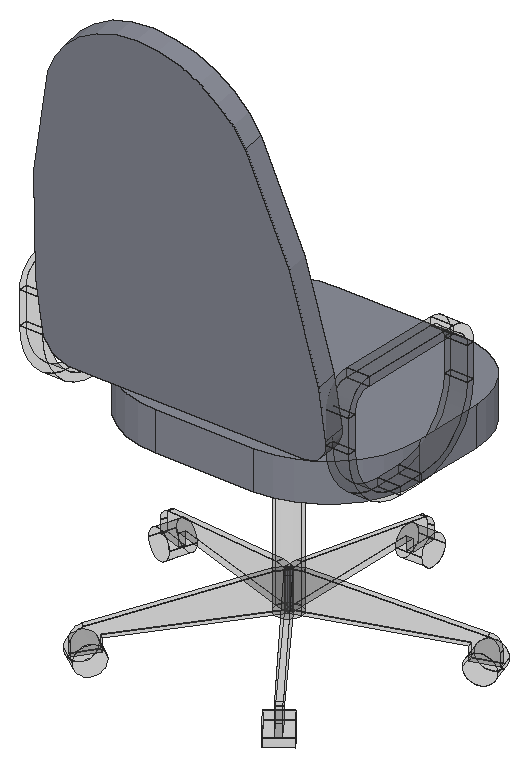
Revit family "CHAIR 1", category Furniture, Revit 2023
Family settings
  Work Plane-Based = No
  Enable Cutting in Views = No
  Always vertical = Yes
  Cut with Voids When Loaded = No
  Render Appearance Source = Family Geometry
  Shared = Yes
  Room Calculation Point = No
Parameters (values of type "635x685x435mm")
  Keynote = "N"
  Material Frame = Plastic - Black
  Material Caster = Plastic - Black
  Material Seat = Textile - Slate Blue
  Default Elevation = 0.00 mm
Reference planes
  plane 1 "Center (Front/Back)": y = 18.946
  plane 2: z = 0
  plane 3 "Center (Left/Right)": x = 140.991
  plane 4: x = 458.491
  plane 5: x = -176.509
  plane 6: y = -323.954
  plane 7: y = 361.846
  plane 8: z = 1066.8
  plane 9 "Seat": z = 457.2
  plane 10: x = 191.791
  plane 11: x = 90.191
  plane 12: through (0, -131.752, -23.231) normal (0, -0.9848, -0.1736)
  plane 13: x = 414.041
  plane 14: x = -132.059
Forms (mm)
  Extrusion 1, solid, material "Plastic - Black" <- "Material Frame"
    sketch origin (191.791, 0, 0) x (0, -1, 0) y (0, 0, 1)
      loop
        line (19.154, 383.784) -> (-69.746, 383.784) -> (-69.746, 371.084) -> (-18.946, 283.095) -> (19.154, 283.095) -> (19.154, 383.784)
    from 0 to 101.6
  Extrusion 2, solid, material "Plastic - Black" <- "Material Frame"
    sketch origin (140.991, 0, 0) x (0, 1, 0) y (0, 0, 1)
      loop
        line (18.946, 53.584) -> (311.046, 53.584) -> (311.046, 28.184) -> (361.846, 28.184) -> (361.846, 52.487)
        arc (361.846, 52.487) -> (355.903, 68.813) -> (340.857, 77.501) r 25.4
        line (340.857, 77.501) -> (44.346, 129.784) -> (18.946, 129.784) -> (18.946, 53.584)
    from 6.35 to -6.35
  Extrusion 3, solid, material "Plastic - Black" <- "Material Caster"
    sketch origin (140.991, 0, 0) x (0, 1, 0) y (0, 0, 1)
      loop
        circle (336.446, 28.184) r 28.2
    from 25.4 to -25.4
  Extrusion 4, solid, material "Plastic - Black" <- "Material Frame"
    sketch origin (159.009, 13.091, 0) x (-0.951057, 0.309017, 0) y (0, 0, 1)
      loop
        line (18.946, 53.584) -> (311.046, 53.584) -> (311.046, 28.184) -> (361.846, 28.184) -> (361.846, 52.487)
        arc (361.846, 52.487) -> (355.903, 68.813) -> (340.857, 77.501) r 25.4
        line (340.857, 77.501) -> (44.346, 129.784) -> (18.946, 129.784) -> (18.946, 53.584)
    from 6.35 to -6.35
  Extrusion 5, solid, material "Plastic - Black" <- "Material Caster"
    sketch origin (159.009, 13.091, 0) x (-0.951057, 0.309017, 0) y (0, 0, 1)
      loop
        circle (336.446, 28.184) r 28.2
    from 25.4 to -25.4
  Extrusion 6, solid, material "Plastic - Black" <- "Material Frame"
    sketch origin (152.127, 34.273, 0) x (-0.587785, -0.809017, 0) y (0, 0, 1)
      loop
        line (18.946, 53.584) -> (311.046, 53.584) -> (311.046, 28.184) -> (361.846, 28.184) -> (361.846, 52.487)
        arc (361.846, 52.487) -> (355.903, 68.813) -> (340.857, 77.501) r 25.4
        line (340.857, 77.501) -> (44.346, 129.784) -> (18.946, 129.784) -> (18.946, 53.584)
    from 6.35 to -6.35
  Extrusion 7, solid, material "Plastic - Black" <- "Material Caster"
    sketch origin (152.127, 34.273, 0) x (-0.587785, -0.809017, 0) y (0, 0, 1)
      loop
        circle (336.446, 28.184) r 28.2
    from 25.4 to -25.4
  Extrusion 8, solid, material "Plastic - Black" <- "Material Frame"
    sketch origin (129.855, 34.273, 0) x (0.587785, -0.809017, 0) y (0, 0, 1)
      loop
        line (18.946, 53.584) -> (311.046, 53.584) -> (311.046, 28.184) -> (361.846, 28.184) -> (361.846, 52.487)
        arc (361.846, 52.487) -> (355.903, 68.813) -> (340.857, 77.501) r 25.4
        line (340.857, 77.501) -> (44.346, 129.784) -> (18.946, 129.784) -> (18.946, 53.584)
    from 6.35 to -6.35
  Extrusion 9, solid, material "Plastic - Black" <- "Material Caster"
    sketch origin (129.855, 34.273, 0) x (0.587785, -0.809017, 0) y (0, 0, 1)
      loop
        circle (336.446, 28.184) r 28.2
    from 25.4 to -25.4
  Extrusion 10, solid, material "Plastic - Black" <- "Material Frame"
    sketch origin (122.972, 13.091, 0) x (0.951057, 0.309017, 0) y (0, 0, 1)
      loop
        line (18.946, 53.584) -> (311.046, 53.584) -> (311.046, 28.184) -> (361.846, 28.184) -> (361.846, 52.487)
        arc (361.846, 52.487) -> (355.903, 68.813) -> (340.857, 77.501) r 25.4
        line (340.857, 77.501) -> (44.346, 129.784) -> (18.946, 129.784) -> (18.946, 53.584)
    from 6.35 to -6.35
  Extrusion 11, solid, material "Plastic - Black" <- "Material Caster"
    sketch origin (122.972, 13.091, 0) x (0.951057, 0.309017, 0) y (0, 0, 1)
      loop
        circle (336.446, 28.184) r 28.2
    from 25.4 to -25.4
  Extrusion 12, solid, material "Plastic - Black" <- "Material Frame"
    sketch origin (0, 0, 0) x (1, 0, 0) y (0, 1, 0)
      loop
        circle (140.991, 18.946) r 25.4
    from 53.584 to 384.175
  Extrusion 13, solid, material "Textile - Slate Blue" <- "Material Seat"
    sketch origin (0, 0, 0) x (1, 0, 0) y (0, 1, 0)
      loop
        arc (20.341, 281.896) -> (-87.422, 237.259) -> (-132.059, 129.496) r 152.4
        line (-132.059, 129.496) -> (-132.059, -6.454)
        arc (-132.059, -6.454) -> (-79.983, -132.178) -> (45.741, -184.254) r 177.8
        line (45.741, -184.254) -> (236.241, -184.254)
        arc (236.241, -184.254) -> (361.964, -132.178) -> (414.041, -6.454) r 177.8
        line (414.041, -6.454) -> (414.041, 129.496)
        arc (414.041, 129.496) -> (369.404, 237.259) -> (261.641, 281.896) r 152.4
        line (261.641, 281.896) -> (20.341, 281.896)
    from 383.784 to 457.2
  Extrusion 14, solid, material "Textile - Slate Blue" <- "Material Seat"
    sketch origin (0, -131.752, -23.231) x (0, 0.173648, -0.984808) y (1, 0, 0)
      loop
        line (-534.516, -81.259) -> (-534.516, 363.241)
        arc (-534.516, 363.241) -> (-549.395, 399.162) -> (-585.316, 414.041) r 50.8
        line (-585.316, 414.041) -> (-686.916, 414.041)
        arc (-686.916, 414.041) -> (-901.118, 387.762) -> (-1109.461, 331.491) r 1524
        arc (-1109.461, 331.491) -> (-1241.95, 140.991) -> (-1109.461, -49.509) r 203.2
        arc (-1109.461, -49.509) -> (-901.118, -105.781) -> (-686.916, -132.059) r 1524
        line (-686.916, -132.059) -> (-585.316, -132.059)
        arc (-585.316, -132.059) -> (-549.395, -117.18) -> (-534.516, -81.259) r 50.8
    from 0 to -38.1
  Sweep 15, solid, material "Plastic - Black" <- "Material Frame"
    path origin (414.041, 0, 0) x (0, 1, 0) y (0, 0, 1)
      loop
        arc (-57.254, 419.1) -> (32.548, 456.297) -> (69.746, 546.1) r 127
        line (69.746, 546.1) -> (69.746, 609.6)
        arc (69.746, 609.6) -> (54.867, 645.521) -> (18.946, 660.4) r 50.8
        line (18.946, 660.4) -> (-184.254, 660.4)
        arc (-184.254, 660.4) -> (-220.175, 645.521) -> (-235.054, 609.6) r 50.8
        line (-235.054, 609.6) -> (-235.054, 546.1)
        arc (-235.054, 546.1) -> (-197.857, 456.297) -> (-108.054, 419.1) r 127
        line (-108.054, 419.1) -> (-57.254, 419.1)
    profile origin (414.041, -82.654, 0) x (0, 0, -1) y (1, 0, 0)
      loop
        line (-420.492, 0) -> (-420.492, 44.45) -> (-436.367, 44.45) -> (-436.367, 0) -> (-420.492, 0)
  Sweep 16, solid, material "Plastic - Black" <- "Material Frame"
    path origin (-132.059, 0, 0) x (0, 1, 0) y (0, 0, 1)
      loop
        arc (-57.254, 419.1) -> (32.548, 456.297) -> (69.746, 546.1) r 127
        line (69.746, 546.1) -> (69.746, 609.6)
        arc (69.746, 609.6) -> (54.867, 645.521) -> (18.946, 660.4) r 50.8
        line (18.946, 660.4) -> (-184.254, 660.4)
        arc (-184.254, 660.4) -> (-220.175, 645.521) -> (-235.054, 609.6) r 50.8
        line (-235.054, 609.6) -> (-235.054, 546.1)
        arc (-235.054, 546.1) -> (-197.857, 456.297) -> (-108.054, 419.1) r 127
        line (-108.054, 419.1) -> (-57.254, 419.1)
    profile origin (-678.159, -82.654, 0) x (0, 0, -1) y (1, 0, 0)
      loop
        line (-420.492, 546.1) -> (-436.367, 546.1) -> (-436.367, 501.65) -> (-420.492, 501.65) -> (-420.492, 546.1)
Lines and regions (mm)
  Masking region 1
    outline origin (0, 0, 457.2) x (0, -1, 0) y (1, 0, 0)
      loop
        arc (144.646, 395.817) -> (106.485, 409.425) -> (66.234, 414.041) r 177.8
        line (66.234, 414.041) -> (-129.496, 414.041)
        arc (-129.496, 414.041) -> (-237.259, 369.404) -> (-281.896, 261.641) r 152.4
        line (-281.896, 261.641) -> (-281.896, 20.341)
        arc (-281.896, 20.341) -> (-237.259, -87.422) -> (-129.496, -132.059) r 152.4
        line (-129.496, -132.059) -> (66.234, -132.059)
        arc (66.234, -132.059) -> (106.481, -127.444) -> (144.639, -113.838) r 177.8
        arc (144.639, -113.838) -> (131.104, -96.374) -> (126.288, -74.809) r 50.678
        line (126.288, -74.809) -> (126.288, 356.784)
        arc (126.288, 356.784) -> (131.106, 378.351) -> (144.646, 395.817) r 50.674
  Masking region 2
    outline origin (0, 0, 457.2) x (0, -1, 0) y (1, 0, 0)
      loop
        line (-364.646, 115.591) -> (-308.246, 115.591) -> (-308.246, 134.641) -> (-281.896, 134.641) -> (-281.896, 147.341) -> (-308.246, 147.341) -> (-308.246, 166.391) -> (-364.646, 166.391) -> (-364.646, 115.591)
      loop
        line (-134.372, 414.041) -> (-114.778, 414.041) -> (-84.188, 423.98) -> (-101.616, 477.62) -> (-149.93, 461.922) -> (-134.372, 414.041)
      loop
        line (-149.93, -179.941) -> (-101.616, -195.639) -> (-84.188, -141.999) -> (-104.415, -132.059) -> (-129.496, -132.059) -> (-149.93, -179.941)
      loop
        line (-68.354, -144.61) -> (-68.354, -176.509) -> (184.254, -176.509) -> (184.254, -144.61) -> (-68.354, -144.61)
      loop
        line (-68.354, 426.167) -> (184.254, 426.167) -> (184.254, 458.491) -> (-68.354, 458.491) -> (-68.354, 426.167)
  Masking region 3
    outline origin (0, 0, 457.2) x (0, -1, 0) y (1, 0, 0)
      loop
        arc (126.288, -74.809) -> (141.131, -110.645) -> (176.966, -125.488) r 50.678
        line (176.966, -125.488) -> (222.074, -125.488)
        arc (222.074, -125.488) -> (239.917, -118.097) -> (247.308, -100.255) r 25.233
        line (247.308, -100.255) -> (247.308, -83.85) -> (275.661, -41.658) -> (247.308, -21.058) -> (247.308, 303.039) -> (275.661, 323.639) -> (247.308, 362.665) -> (247.308, 382.224)
        arc (247.308, 382.224) -> (239.917, 400.067) -> (222.075, 407.458) r 25.233
        line (222.075, 407.458) -> (176.961, 407.458)
        arc (176.961, 407.458) -> (141.13, 392.616) -> (126.288, 356.784) r 50.674
        line (126.288, 356.784) -> (126.288, -74.809)
  symbolic lines, not visible
    curve 1: line (-100.255, -247.308, 0) -> (382.224, -247.308, 0)
    curve 2: line (-125.488, -222.074, 0) -> (-125.488, -176.966, 0)
    curve 3: line (-74.809, -126.288, 0) -> (356.784, -126.288, 0)
    curve 4: line (407.458, -222.075, 0) -> (407.458, -176.961, 0)
    curve 5: arc (-74.809, -126.288, 0) -> (-110.645, -141.131, 0) -> (-125.488, -176.966, 0) r 50.678
    curve 6: arc (356.784, -126.288, 0) -> (392.616, -141.13, 0) -> (407.458, -176.961, 0) r 50.674
    curve 7: arc (-125.488, -222.074, 0) -> (-118.097, -239.917, 0) -> (-100.255, -247.308, 0) r 25.233
    curve 8: arc (407.458, -222.075, 0) -> (400.067, -239.917, 0) -> (382.224, -247.308, 0) r 25.233
    curve 9: line (20.341, 281.896, 0) -> (261.641, 281.896, 0)
    curve 10: line (-132.059, 129.496, 0) -> (-132.059, -66.234, 0)
    curve 11: line (414.041, 129.496, 0) -> (414.041, -66.234, 0)
    curve 12: arc (20.341, 281.896, 0) -> (-87.422, 237.259, 0) -> (-132.059, 129.496, 0) r 152.4
    curve 13: arc (261.641, 281.896, 0) -> (369.404, 237.259, 0) -> (414.041, 129.496, 0) r 152.4
    curve 14: arc (414.041, -66.234, 0) -> (409.425, -106.485, 0) -> (395.817, -144.646, 0) r 177.8
    curve 15: arc (-132.059, -66.234, 0) -> (-127.444, -106.481, 0) -> (-113.838, -144.639, 0) r 177.8
    curve 16: line (115.591, 364.646, 0) -> (166.391, 364.646, 0)
    curve 17: line (115.591, 364.646, 0) -> (115.591, 308.246, 0)
    curve 18: line (115.591, 308.246, 0) -> (166.391, 308.246, 0)
    curve 19: line (166.391, 364.646, 0) -> (166.391, 308.246, 0)
    curve 20: line (413.964, 134.347, 0) -> (461.922, 149.93, 0)
    curve 21: line (461.922, 149.93, 0) -> (477.62, 101.616, 0)
    curve 22: line (477.62, 101.616, 0) -> (423.98, 84.188, 0)
    curve 23: line (423.98, 84.188, 0) -> (414.041, 114.778, 0)
    curve 24: line (303.039, -247.308, 0) -> (323.639, -275.661, 0)
    curve 25: line (323.639, -275.661, 0) -> (362.665, -247.308, 0)
    curve 26: line (-21.058, -247.308, 0) -> (-41.658, -275.661, 0)
    curve 27: line (-41.658, -275.661, 0) -> (-83.85, -247.308, 0)
    curve 28: line (-195.639, 101.616, 0) -> (-179.941, 149.93, 0)
    curve 29: line (-179.941, 149.93, 0) -> (-132.059, 129.496, 0)
    curve 30: line (-195.639, 101.616, 0) -> (-141.999, 84.188, 0)
    curve 31: line (-141.999, 84.188, 0) -> (-132.059, 104.415, 0)
    curve 32: line (134.641, 308.246, 0) -> (147.341, 308.246, 0)
    curve 33: line (134.641, 308.246, 0) -> (134.641, 281.896, 0)
    curve 34: line (134.641, 281.896, 0) -> (147.341, 281.896, 0)
    curve 35: line (147.341, 308.246, 0) -> (147.341, 281.896, 0)
    curve 36: line (-176.509, 68.354, 0) -> (-144.61, 68.354, 0)
    curve 37: line (-176.509, 68.354, 0) -> (-176.509, -184.254, 0)
    curve 38: line (-176.509, -184.254, 0) -> (-144.61, -184.254, 0)
    curve 39: line (-144.61, 68.354, 0) -> (-144.61, -184.254, 0)
    curve 40: line (458.491, 68.354, 0) -> (426.167, 68.354, 0)
    curve 41: line (458.491, 68.354, 0) -> (458.491, -184.254, 0)
    curve 42: line (458.491, -184.254, 0) -> (426.167, -184.254, 0)
    curve 43: line (426.167, 68.354, 0) -> (426.167, -184.254, 0)
  symbolic lines
    curve 44: line (-83.85, -247.308, 0) -> (-21.058, -247.308, 0)
    curve 45: line (303.039, -247.308, 0) -> (362.665, -247.308, 0)
Dimensions and locks
  equal spacing: plane 5, plane 3 "Center (Left/Right)", plane 4
  plane 5 to plane 4 = 635.00 mm
  equal spacing: plane 6, plane 1 "Center (Front/Back)", plane 7
  plane 6 to plane 7 = 685.80 mm
  aligned and locked: Masking region 1 sketch curve to curve 14
  aligned and locked: Masking region 1 sketch curve to curve 13
  aligned and locked: Masking region 1 sketch curve to curve 12
  aligned and locked: Masking region 1 sketch curve to curve 15
  aligned and locked: Masking region 1 sketch curve to curve 6
  aligned and locked: Masking region 1 sketch curve to curve 5
  aligned and locked: Masking region 2 sketch curve to curve 17
  aligned and locked: Masking region 2 sketch curve to curve 18
  aligned and locked: Masking region 2 sketch curve to curve 19
  aligned and locked: Masking region 2 sketch curve to curve 16
  aligned and locked: Extrusion 2 to Masking region 2 sketch curve  (x2)
  aligned and locked: Extrusion 13 to Masking region 2 sketch curve
  aligned and locked: Extrusion 11 to Masking region 2 sketch curve
  aligned and locked: Masking region 2 sketch curve to curve 21
  aligned and locked: Masking region 2 sketch curve to Extrusion 11
  aligned and locked: Masking region 2 sketch curve to curve 23
  aligned and locked: Sweep 15 to Masking region 2 sketch curve
  aligned and locked: Masking region 2 sketch curve to curve 29
  aligned and locked: Masking region 2 sketch curve to curve 28
  aligned and locked: Masking region 2 sketch curve to Extrusion 5
  aligned and locked: Masking region 2 sketch curve to curve 31
  aligned and locked: Sweep 16 to Masking region 2 sketch curve
  aligned and locked: Masking region 2 sketch curve to curve 39
  aligned and locked: Masking region 2 sketch curve to curve 38
  aligned and locked: Masking region 2 sketch curve to curve 37
  aligned and locked: Masking region 2 sketch curve to curve 36
  aligned and locked: Masking region 2 sketch curve to curve 43
  aligned and locked: Masking region 2 sketch curve to curve 42
  aligned and locked: Masking region 2 sketch curve to curve 41
  aligned and locked: Masking region 2 sketch curve to curve 40
  aligned and locked: Masking region 3 sketch curve to curve 6
  aligned and locked: Masking region 3 sketch curve to curve 8
  aligned and locked: Masking region 3 sketch curve to curve 7
  aligned and locked: Masking region 3 sketch curve to curve 5
  aligned and locked: Masking region 3 sketch curve to curve 27
  aligned and locked: Extrusion 7 to Masking region 3 sketch curve
  aligned and locked: Masking region 3 sketch curve to Extrusion 9
  aligned and locked: Masking region 3 sketch curve to curve 25
Automatic sketch dimensions
  curve 37 to plane 5 = 0.00 mm
  curve 10 to plane 14 = 0.00 mm
  curve 11 to plane 13 = 0.00 mm
  curve 42 to plane 4 = 0.00 mm
  plane 5 to curve 29 = 3.431 mm
  plane 5 to curve 28 = 19.13 mm
  curve 39 to plane 14 = 12.551 mm
  curve 31 to plane 14 = 9.939 mm
  plane 14 to curve 2 = 6.571 mm
  plane 14 to curve 15 = 18.221 mm
  plane 14 to curve 7 = 31.805 mm
  curve 7 to curve 44 = 16.405 mm
  curve 27 to curve 44 = 0.00 mm
  curve 15 to curve 5 = 39.029 mm
  curve 44 to curve 27 = 42.192 mm
  curve 26 to curve 26 = 20.60 mm
  curve 44 to curve 26 = 0.00 mm
  plane 11 to curve 12 = 69.85 mm
  plane 11 to curve 15 = 44.45 mm
  curve 18 to plane 3 "Center (Left/Right)" = 25.40 mm
  curve 33 to plane 3 "Center (Left/Right)" = 6.35 mm
  plane 3 "Center (Left/Right)" to curve 35 = 6.35 mm
  curve 19 to plane 7 = 2.80 mm
  plane 3 "Center (Left/Right)" to curve 19 = 25.40 mm
  curve 14 to plane 10 = 44.45 mm
  curve 9 to plane 10 = 69.85 mm
  curve 24 to plane 6 = 76.646 mm
  curve 24 to plane 13 = 111.002 mm
  curve 24 to plane 6 = 48.293 mm
  curve 45 to curve 24 = 20.60 mm
  curve 3 to plane 13 = 57.257 mm
  curve 45 to curve 25 = 0.00 mm
  curve 45 to curve 1 = 19.56 mm
  curve 14 to plane 13 = 18.224 mm
  curve 6 to plane 13 = 6.583 mm
  curve 20 to plane 13 = 0.077 mm
  plane 13 to curve 23 = 9.939 mm
  plane 13 to curve 43 = 12.126 mm
  curve 21 to plane 4 = 3.431 mm
  curve 21 to plane 4 = 19.13 mm
  curve 27 to curve 44 = 28.353 mm
  curve 45 to curve 24 = 0.00 mm
  curve 2 to curve 37 = 37.82 mm
  curve 8 to curve 43 = 37.82 mm
  curve 38 to curve 5 = 7.288 mm
  curve 39 to plane 1 "Center (Front/Back)" = 49.408 mm
  curve 43 to plane 1 "Center (Front/Back)" = 49.408 mm
  curve 36 to curve 31 = 15.833 mm
  curve 40 to curve 23 = 15.833 mm
  curve 40 to curve 21 = 33.262 mm
  curve 36 to curve 30 = 33.262 mm
  curve 30 to curve 31 = 20.228 mm
  plane 7 to curve 34 = 79.95 mm
  curve 34 to curve 19 = 26.35 mm
  curve 32 to curve 18 = 0.00 mm
  plane 7 to Masking region 2 sketch curve = 53.60 mm
  Masking region 3 sketch curve to Masking region 3 sketch curve = 28.353 mm
